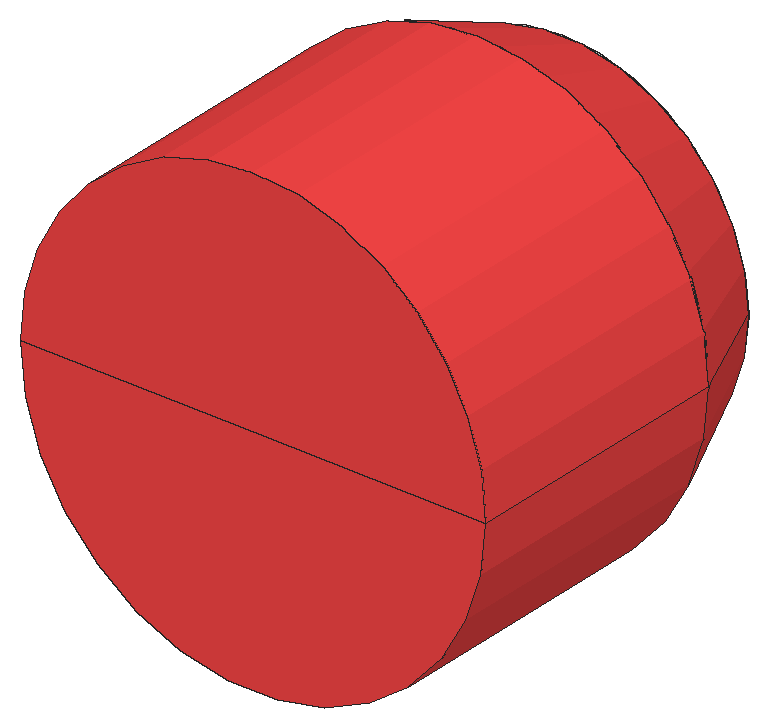
Revit family "CWSS-RW-S6 ENScape optisk-akustisk signalgiver rød_Vegg", category Fire Alarm Devices, Revit 2016
Family settings
  Maintain Annotation Orientation = Yes
  Part Type = Normal
  Round Connector Dimension = Use Diameter
  OmniClass Number = 23.85.30.21.14.11
  OmniClass Title = Concentration Detection Bells and Sounders
  Work Plane-Based = No
  Always vertical = No
  Cut with Voids When Loaded = No
  Shared = No
  Room Calculation Point = No
Parameters (values of type "Akustisk signalgiver")
  Type Comments = "-XH"
  Reference Line Out [instance] = 45.00 mm
  NS8360 = "5423_XN1"
  Manufacturer = "Honeywell"
  Keynote = "XN1"
  CQ Symbol Positive Direction [instance] = yes
  CQ Symbol Offset Side [instance] = 0.00 mm
  CQ Symbol Offset Out [instance] = 0.00 mm
  CQ Material = Plastic - Red
  CQ Length B = 98.00 mm
  CQ Length A = 100.00 mm
  Assembly Code = "5423"
Reference planes
  plane 1 "Center (Front/Back)": y = 0
  plane 2: z = 0
  plane 3 "Center (Left/Right)": x = 0
  plane 4: x = -50
  plane 5: x = 50
  plane 6: y = 98
  plane 7: y = 83
Forms (mm)
  Revolve 1, solid, material "Plastic - Red" <- "CQ Material"
    sketch origin (0, 0, 0) x (1, 0, 0) y (0, -1, 0)
      loop
        line (0, 0) -> (0, -83) -> (40, -83) -> (50, -60) -> (50, 0) -> (0, 0)
      axis (0, -83) -> (0, 0)
    angle from 0 to 360
  Revolve 2, solid, material "Plastic White Transparent"
    sketch origin (0, 0, 0) x (1, 0, 0) y (0, 1, 0)
      loop
        line (0, 83) -> (40, 83)
        arc (40, 83) -> (21.893, 94.121) -> (1, 98) r 58.2
        line (1, 98) -> (0, 98) -> (0, 83)
      axis (0, 98) -> (0, 83)
    angle from 0 to 360
Lines and regions (mm)
  model lines, style "InvisibleLines"
    curve 1: line (0, 0, 0) -> (0, 45, 0)
Dimensions and locks
  "Reference Line Out": plane 1 "Center (Front/Back)" to curve 1
  "CQ Length B": plane 6 to plane 1 "Center (Front/Back)"
  plane 6 to plane 7 = 15.00 mm
  equal spacing: plane 4, plane 3 "Center (Left/Right)", plane 5
  "CQ Length A": plane 4 to plane 5
  aligned and locked: level to plane 2
  aligned and locked: curve 1 to plane 3 "Center (Left/Right)"
  aligned and locked: plane 1 "Center (Front/Back)" to curve 1
  aligned and locked: curve 1 to plane 2
  aligned and locked: plane 1 "Center (Front/Back)" to Revolve 1 sketch curve
  aligned and locked: plane 3 "Center (Left/Right)" to nested 1
  aligned and locked: plane 1 "Center (Front/Back)" to nested 1
  aligned and locked: Revolve 1 sketch curve to plane 7
  aligned and locked: Revolve 1 sketch curve to plane 3 "Center (Left/Right)"
  aligned and locked: nested 1 to Revolve 2 sketch curve
  aligned and locked: Revolve 2 sketch curve to plane 7
  aligned and locked: Revolve 2 sketch curve to plane 6
Automatic sketch dimensions
  Revolve 1 sketch curve to plane 3 "Center (Left/Right)" = 0.00 mm
  Revolve 1 sketch curve to plane 5 = 0.00 mm
  plane 5 to Revolve 1 sketch curve = 10.00 mm
  plane 7 to Revolve 1 sketch curve = 23.00 mm
  Revolve 1 sketch curve to plane 6 = 15.00 mm
  Revolve 1 sketch curve to Revolve 1 sketch curve = 38.00 mm
  Revolve 2 sketch curve to plane 3 "Center (Left/Right)" = 0.00 mm
  plane 3 "Center (Left/Right)" to Revolve 2 sketch curve = 1.00 mm
  Revolve 2 sketch curve to plane 1 "Center (Front/Back)" = 39.80 mm
  Revolve 2 sketch curve to plane 6 = 3.38 mm
  Revolve 2 sketch curve to Revolve 2 sketch curve = 20.00 mm
Nested families
  nested 1: "Optisk alarmapparat" at (0, 0, 0), type "Type 1"
Connectors
  electrical at (0, 0, 0)
    settings: index 1, voltage 0 V, apparent load 0 VA, apparent load phase1 0 VA, apparent load phase2 0 VA, apparent load phase3 0 VA, power factor 1, load classification "Other", number of poles 1, system type 11, power factor state 1, is connector primary yes, connector utility no, sub classification motor no, connector description ""
Definition of nested family "Optisk alarmapparat"
  Parameters
    CQ Symbol Positive Direction = yes
    CQ Symbol Negative Direction = not(CQ Symbol Positive Direction)  # no
    CQ Symbol Offset Side = 0.00 mm
    CQ Symbol Offset Out = 1.00 mm
  Reference planes
    plane 1: y = 0
    plane 2: x = 0
  Dimensions and locks
    "CQ Symbol Offset Out": plane 1 to nested 2
    "CQ Symbol Offset Out": plane 1 to nested 1
    "CQ Symbol Offset Side": plane 2 to nested 1
    "CQ Symbol Offset Side": nested 2 to plane 2
  Nested families
    nested 1: "Optisk AlarmapparatSub" at (0, 1, 0), visible <- "CQ Symbol Positive Direction", type "Type 1"
    nested 2: "Optisk AlarmapparatSub" at (0, 1, 0), visible <- "CQ Symbol Negative Direction", type "Type 1"
  Definition of nested family "Optisk AlarmapparatSub"
    Reference planes
      plane 1: y = 0
      plane 2: x = 0
    Lines and regions (mm)
      detail lines
        curve 1: circle (0, 2.5, 0) r 2.5 normal (0, 0, 1)
        curve 2: line (-1.768, 4.268, 0) -> (1.768, 0.732, 0)
        curve 3: line (-1.768, 0.732, 0) -> (1.768, 4.268, 0)
        curve 4: line (-0.001, 5.5, 0) -> (4.748, 5.5, 0)
    Text (mm)
      text "PL" at (1.733, 7.087, 0)
